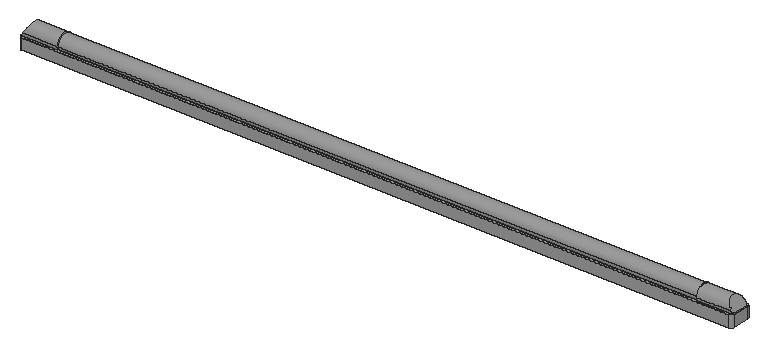
Revit family "0045159 Sylvania Lighting Fixture LED IP20 BATTEN L1200 SINGLE 4000K", category Lighting Fixtures, host Face, Revit 2017
Family settings
  Host = Face
  Round Connector Dimension = Use Diameter
  Part Type = Normal
  OmniClass Number = 23.80.70.00
  OmniClass Title = Lighting
  Cut with Voids When Loaded = No
  Light Source = Yes
  Shared = No
  Room Calculation Point = No
Parameters (values of type "0045159 LED IP20 BATTEN L1200 SINGLE 4000K")
  Width_SYL = if(Twin_SYL, 82 mm, 37 mm)  # 37 mm
  Weight = "14.4 kg"
  Wattage Comments = ""
  Wattage = 16 W
  WarrantyStartDate [instance] = "n/a"
  WarrantyGuarantorParts = "n/a"
  WarrantyDurationUnit = "n/a"
  WarrantyDurationParts = "n/a"
  WarrantyDescription = "n/a"
  built-in parameter 1150110 = 1 (stored number, unit not read)
  Voltage = 230 V
  VisibilityTwin_SYL = Twin_SYL  # no
  VisibilitySingle_SYL = not(Twin_SYL)  # yes
  URL = "http://www.sylvania-lighting.com"
  TypeName = "LED IP20 BATTEN L1200 SINGLE 4000K"
  Type Image = <None>
  Type Comments = "n/a"
  Twin_SYL = no
  built-in parameter 1114217 = 1 (stored number, unit not read)
  Tilt Angle = -90.00°
  built-in parameter 1150109 = 1 (stored number, unit not read)
  built-in parameter 1150134 = 12
  built-in parameter 1150113 = 1 (stored number, unit not read)
  SerialNumber [instance] = "n/a"
  RadiusTube_SYL = 14 mm
  RadiusTubeSleeve_SYL = 15 mm
  RadiusRadius_SYL = 5 mm
  Photometric Web File = "0045159.ies"
  Material_3_FEILO = none
  PowerFactor = 0
  PowerConsumption = "16 W"
  NominalLength = 1200 mm
  NominalHeight = 47.5 mm
  NominalDepth = 42.5 mm
  Name = "LED IP20 BATTEN L1200 SINGLE 4000K"
  ModelReference = Name  # "LED IP20 BATTEN L1200 SINGLE 4000K"
  ModelNumber = "0045159"
  Model = Name  # "LED IP20 BATTEN L1200 SINGLE 4000K"
  Material = "n/a"
  ManufacturerName = "Feilo Sylvania"
  Manufacturer = "Feilo Sylvania"
  LuminousEfficacy = "115 lm/W"
  built-in parameter 1150105 = 146.42 (stored number, unit not read)
  Lumens = 1840 lm
  LuminaireType = ""
  built-in parameter 1150115 = 1 (stored number, unit not read)
  LightOutputRatio = "n/a"
  built-in parameter 1150137 = (empty or 0)
  built-in parameter 1150139 = (empty or 0)
  Length_SYL = 1200 mm
  LampsType = Lamp  # "LED"
  LampNominalLuminous = "1840 lm"
  LampMacAdamStep = "n/a"
  LampColourTemperature = "4000 K"
  LampColourRenderingIndex = "80"
  built-in parameter 1150112 = 1 (stored number, unit not read)
  built-in parameter 1150114 = 1 (stored number, unit not read)
  Lamp = "LED"
  Keynote = "16500"
  InstallationDate [instance] = "n/a"
  InputVoltage = "220-240V~"
  InputNominalFrequency = "50/60 Hz"
  built-in parameter 1150132 = (empty or 0)
  built-in parameter 1150102 = (empty or 0)
  built-in parameter 1150107 = 4000 (stored number, unit not read)
  built-in parameter 1150138 = (empty or 0)
  IngressProtection = "IP20"
  ImpactProtectionIndex = "IK02"
  built-in parameter 1150106 = 1.4642 (stored number, unit not read)
  IfcExportType = "IfcLightFixtureType"
  IfcExportAs = "IfcLightFixtureType"
  Height_SYL = if(Twin_SYL, 48 mm, 46 mm)  # 46 mm
  ExpectedLife = 50000
  Emit from Rectangle Width = if(Twin_SYL, 75 mm, 28 mm)  # 28 mm
  Emit from Rectangle Length = Length_SYL - 124 mm  # 1076 mm
  Emit Shape Visible in Rendering = no
  ElectricShockClassification = "Class I"
  built-in parameter 1150104 = 10.684 (stored number, unit not read)
  DurationUnit = "hours"
  DocumentationLiterature = "http://www.sylvania-lighting.com/product/en-int/products/0045159"
  DimmingControlOptions = "n/a"
  Material_2_FEILO = Tube-Sylvania-IP20LEDBatten
  Dimming Lamp Color Temperature Shift = <None>
  Description = "full range of LED Battens to replace traditional T8 battens (600mm, 1200mm, 1500mm and 1800mm), ease of installation, 16W, 1900 lum, 4000K, 25000h lifethtime"
  Default Elevation = 1219.2 mm
  CreatedOn = "6/5/2018"
  CreatedBy = "aron.fodor@sylvania-lighting.com"
  Cost = 0
  Color Filter = 16777215
  built-in parameter 1114216 [instance] = (empty or 0)
  ClassificationValue = "EF_70_80"
  ClassificationName = "Uniclass2015"
  Material_1_FEILO = Body-Sylvania-IP20LEDBatten
  BarCode [instance] = "n/a"
  built-in parameter 1114218 = 1 (stored number, unit not read)
  built-in parameter 1150133 = 10 (stored number, unit not read)
  AssetType = "Fixed"
  AssetIdentifier [instance] = "n/a"
  Assembly Code = "D5020200"
  Apparent Load = 16 VA
  Material_4_FEILO = none
Reference planes
  plane 1 "Center (Front/Back)": y = 0
  plane 2: z = 0
  plane 3 "Center (Left/Right)": x = 0
  plane 4: x = 600
  plane 5: x = -600
  plane 6: y = 18.5
  plane 7: y = -18.5
  plane 8: z = 39
  plane 9: z = 19
  plane 10: z = -7
  plane 11: z = 23.5
  plane 12: x = -598
  plane 13: x = 598
  plane 14: x = -538
  plane 15: x = 538
  plane 16: y = -22.5
  plane 17: y = 22.5
  plane 18: z = 38.5
  plane 19: z = 8.5
Forms (mm)
  Extrusion 1, solid, material "Body-Sylvania-IP20LEDBatten" <- "Material_1_FEILO"
    sketch origin (0, 0, 0) x (1, 0, 0) y (0, 1, 0)
      loop
        arc (-595, 18.5) -> (-598.536, 17.036) -> (-600, 13.5) r 5
        line (-600, 13.5) -> (-600, -13.5)
        arc (-600, -13.5) -> (-598.536, -17.036) -> (-595, -18.5) r 5
        line (-595, -18.5) -> (595, -18.5)
        arc (595, -18.5) -> (598.536, -17.036) -> (600, -13.5) r 5
        line (600, -13.5) -> (600, 13.5)
        arc (600, 13.5) -> (598.536, 17.036) -> (595, 18.5) r 5
        line (595, 18.5) -> (-595, 18.5)
    from 0 to 19
  Extrusion 2, solid, material "Body-Sylvania-IP20LEDBatten" <- "Material_1_FEILO", visible <- "VisibilitySingle_SYL"
    sketch origin (538, 1524, 1219.2) x (0, 1, 0) y (0, 0, 1)
      loop
        circle (-1524, -1195.7) r 15
    from 0 to 60
  Extrusion 3, solid, material "Body-Sylvania-IP20LEDBatten" <- "Material_1_FEILO", visible <- "VisibilitySingle_SYL"
    sketch origin (-598, 1524, 1219.2) x (0, 1, 0) y (0, 0, 1)
      loop
        circle (-1524, -1195.7) r 15
    from 0 to 60
  Extrusion 4, solid, material "Tube-Sylvania-IP20LEDBatten" <- "Material_2_FEILO", visible <- "VisibilitySingle_SYL"
    sketch origin (0, 0, 0) x (0, 1, 0) y (0, 0, 1)
      loop
        circle (0, 23.5) r 14
    from -538 to 538
  Extrusion 5, void
    sketch origin (0, 0, 0) x (1, 0, 0) y (0, 0, 1)
      loop
        line (600, 19) -> (600, 39) -> (586.453, 39) -> (598, 19) -> (600, 19)
      loop
        line (-586.453, 39) -> (-600, 39) -> (-600, 19) -> (-598, 19) -> (-586.453, 39)
    from -45 to 45
  Extrusion 6, solid, material "Body-Sylvania-IP20LEDBatten" <- "Material_1_FEILO", visible <- "VisibilityTwin_SYL"
    sketch origin (-538, 1524, 1219.2) x (0, 1, 0) y (0, 0, 1)
      loop
        arc (-1546.5, -1180.7) -> (-1561.5, -1195.7) -> (-1546.5, -1210.7) r 15
        line (-1546.5, -1210.7) -> (-1501.5, -1210.7)
        arc (-1501.5, -1210.7) -> (-1486.5, -1195.7) -> (-1501.5, -1180.7) r 15
        line (-1501.5, -1180.7) -> (-1546.5, -1180.7)
    from -60 to 0
  Extrusion 7, solid, material "Body-Sylvania-IP20LEDBatten" <- "Material_1_FEILO", visible <- "VisibilityTwin_SYL"
    sketch origin (538, 1524, 1219.2) x (0, 1, 0) y (0, 0, 1)
      loop
        line (-1501.5, -1180.7) -> (-1546.5, -1180.7)
        arc (-1546.5, -1180.7) -> (-1561.5, -1195.7) -> (-1546.5, -1210.7) r 15
        line (-1546.5, -1210.7) -> (-1501.5, -1210.7)
        arc (-1501.5, -1210.7) -> (-1486.5, -1195.7) -> (-1501.5, -1180.7) r 15
    from 0 to 60
  Extrusion 8, solid, material "Tube-Sylvania-IP20LEDBatten" <- "Material_2_FEILO", visible <- "VisibilityTwin_SYL"
    sketch origin (0, 0, 0) x (0, 1, 0) y (0, 0, 1)
      loop
        circle (-22.5, 23.5) r 14
      loop
        circle (22.5, 23.5) r 14
    from -538 to 538
Cuts and joins
  Extrusion 5 cuts Extrusion 1
  Extrusion 5 cuts Extrusion 6
  Extrusion 5 cuts Extrusion 7
  Extrusion 5 cuts Extrusion 2
  Extrusion 5 cuts Extrusion 3
Lines and regions (mm)
  reference lines
    curve 1: circle (0, 0, 23.5) r 15 normal (1, 0, 0)
    curve 2: circle (0, 0, 23.5) r 14 normal (1, 0, 0)
    curve 3: line (598, 0, 19) -> (586.453, 0, 39)
    curve 4: line (-598, 0, 19) -> (-586.453, 0, 39)
    curve 5: circle (0, -22.5, 23.5) r 15 normal (1, 0, 0)
    curve 6: circle (0, 22.5, 23.5) r 15 normal (1, 0, 0)
    curve 7: circle (0, 22.5, 23.5) r 14 normal (1, 0, 0)
    curve 8: circle (0, -22.5, 23.5) r 14 normal (1, 0, 0)
Dimensions and locks
  equal spacing: plane 5, plane 3 "Center (Left/Right)", plane 4
  "Length_SYL": plane 5 to plane 4
  equal spacing: plane 7, plane 1 "Center (Front/Back)", plane 6
  "Width_SYL": plane 7 to plane 6
  locked: plane 9 to plane 2 at 19
  locked: plane 2 to plane 10 at 7
  "Height_SYL": plane 10 to plane 8
  locked: plane 9 to plane 11 at 4.5
  equal spacing: plane 12, plane 3 "Center (Left/Right)", plane 13
  locked: plane 5 to plane 12 at 2
  equal spacing: plane 14, plane 3 "Center (Left/Right)", plane 15
  locked: plane 12 to plane 14 at 60
  equal spacing: plane 16, plane 1 "Center (Front/Back)", plane 17
  locked: plane 16 to plane 17 at 45
  equal spacing: plane 19, plane 11, plane 18
  "RadiusTubeSleeve_SYL": plane 11 to plane 18
  "RadiusTubeSleeve_SYL": radius of curve 1
  "RadiusTube_SYL": radius of curve 2
  "RadiusRadius_SYL": radius of Extrusion 1 sketch curve  (x4)
  "RadiusTube_SYL": radius of curve 8
  "RadiusTube_SYL": radius of curve 7
  "RadiusTubeSleeve_SYL": radius of curve 6
  "RadiusTubeSleeve_SYL": radius of curve 5
  locked: plane 9 to curve 3 (angle 120.00°)
  locked: curve 4 to plane 9 (angle 120.00°)
  aligned and locked: plane 2 to host face
  aligned and locked: level to host face
  aligned and locked: plane 1 "Center (Front/Back)" to curve 1
  aligned and locked: plane 11 to curve 1
  aligned and locked: plane 6 to Extrusion 1 sketch curve
  aligned and locked: plane 5 to Extrusion 1 sketch curve
  aligned and locked: Extrusion 1 sketch curve to plane 7
  aligned and locked: Extrusion 1 sketch curve to plane 4
  aligned and locked: Extrusion 1 to level
  aligned and locked: Extrusion 1 to plane 9
  aligned and locked: Extrusion 2 sketch curve to curve 1
  aligned and locked: plane 13 to Extrusion 2
  aligned and locked: Extrusion 2 to plane 15
  aligned and locked: Extrusion 3 sketch curve to curve 1
  aligned and locked: plane 14 to Extrusion 3
  aligned and locked: Extrusion 3 to plane 12
  aligned and locked: Extrusion 4 sketch curve to curve 2
  aligned and locked: Extrusion 4 to plane 14
  aligned and locked: plane 15 to Extrusion 4
  aligned and locked: plane 12 to curve 4
  aligned and locked: plane 9 to curve 4
  aligned and locked: plane 8 to curve 4
  aligned and locked: Extrusion 1 to Extrusion 5 sketch curve
  aligned and locked: curve 3 to Extrusion 5 sketch curve
  aligned and locked: Extrusion 5 sketch curve to plane 8  (x2)
  aligned and locked: Extrusion 5 sketch curve to curve 3
  aligned and locked: plane 9 to Extrusion 5 sketch curve
  aligned and locked: curve 4 to Extrusion 5 sketch curve
  aligned and locked: Extrusion 5 sketch curve to plane 5
  aligned and locked: Extrusion 5 sketch curve to curve 4
  aligned and locked: plane 17 to curve 7
  aligned and locked: plane 11 to curve 7
  aligned and locked: plane 11 to curve 6
  aligned and locked: plane 17 to curve 6
  aligned and locked: plane 16 to curve 8
  aligned and locked: plane 16 to curve 5
  aligned and locked: plane 11 to curve 8
  aligned and locked: plane 11 to curve 5
  aligned and locked: Extrusion 6 sketch curve to curve 5
  aligned and locked: Extrusion 6 sketch curve to curve 6
  aligned and locked: Extrusion 6 to plane 12
  aligned and locked: plane 14 to Extrusion 6
  aligned and locked: Extrusion 7 sketch curve to Extrusion 6  (x2)
  aligned and locked: plane 13 to Extrusion 7
  aligned and locked: Extrusion 7 to plane 15
  aligned and locked: Extrusion 8 sketch curve to curve 8
  aligned and locked: Extrusion 8 sketch curve to curve 7
  aligned and locked: plane 15 to Extrusion 8
  aligned and locked: Extrusion 8 to plane 14
  aligned and locked: imposter light to plane 18
  aligned and locked: plane 3 "Center (Left/Right)" to imposter light
  aligned and locked: imposter light to plane 1 "Center (Front/Back)"
Automatic sketch dimensions
  host sketch curve to host sketch curve = 2438.4 mm  (x2)
  curve 1 to curve 2 = 0 mm  (x2)
  curve 3 to plane 13 = 0 mm
  curve 3 to plane 9 = 0 mm
  Extrusion 5 sketch curve to plane 9 = 0 mm
  curve 6 to curve 7 = 0 mm
  Extrusion 6 sketch curve to Extrusion 6 sketch curve = 0 mm  (x2)
Connectors
  electrical at (0, 0, 0), driven by "Apparent Load", driven by "PowerFactor", driven by "Voltage"
    settings: index 1, voltage 230 V, apparent load 16 VA, apparent load phase1 0 VA, apparent load phase2 0 VA, apparent load phase3 0 VA, power factor 0, load classification "Lighting", number of poles 1, system type 30, power factor state 1, is connector primary yes, connector utility no, sub classification motor no, connector description ""
